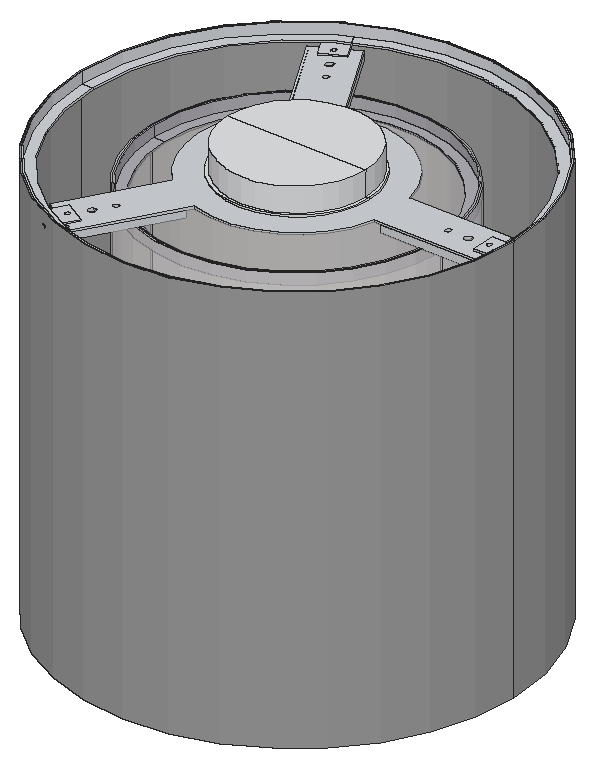
Revit family "Lighting - Lumetta - Pendant - SM2092", category Lighting Fixtures, host Ceiling, Revit 2015
Parameters
  Wattage = 11.7117 W
  built-in parameter 1150110 = 1 (stored number, unit not read)
  URL = "https://lumetta.com/luminaires/drum-12-pendant/"
  Type Comments = "Drum 12'' Pendant"
  built-in parameter 1114217 = 1 (stored number, unit not read)
  Top-Bottom Lens Radius [instance] = Fixture Inner Radius - 0' 0 5/32"  # 0' - 5 27/32"
  built-in parameter 1150109 = 1 (stored number, unit not read)
  built-in parameter 1150134 = (empty or 0)
  built-in parameter 1150113 = 1 (stored number, unit not read)
  SM2092 URL [instance] = "https://lumetta.com/luminaires/shadow-drum-18-surface-mount/"
  Light Source Symbol Size = 0' - 1"
  Fixture-Outer Height [instance] = 1' - 5"
  Fixture Outer Radius [instance] = 0' - 9"
  Fixture Outer Drop [instance] = 0' - 0 1/2"
  Fixture Outer Diameter [instance] = 2 * Fixture Outer Radius  # 1' - 6"
  Fixture Inner Radius [instance] = 0' - 6"
  Fixture Inner Diameter [instance] = 2 * Fixture Inner Radius  # 1' - 0"
  Diffuser Outer Material [instance] = Shade - Lumetta - D921 - Trans_Cool
  Model = "P51210"  # constant formula
  Manufacturer = "Lumetta, Inc."  # constant formula
  Lumens = 1300 lm
  built-in parameter 1150115 = 1 (stored number, unit not read)
  built-in parameter 1150105 = 103.45 (stored number, unit not read)
  built-in parameter 1150137 = (empty or 0)
  built-in parameter 1150139 = (empty or 0)
  built-in parameter 1150112 = 1 (stored number, unit not read)
  built-in parameter 1150114 = 1 (stored number, unit not read)
  built-in parameter 1150132 = 1
  built-in parameter 1150102 = (empty or 0)
  built-in parameter 1150138 = (empty or 0)
  built-in parameter 1150107 = 3000 (stored number, unit not read)
  built-in parameter 1150106 = 1.0345 (stored number, unit not read)
  Frame Finish [instance] = Paint - Lumetta - F02 - PC_Chrome
  Fixture Inner Height [instance] = 1' - 0 1/2"
  Fixture Inner-Outer Difference [instance] = 0' - 0 15/16"
  built-in parameter 1150104 = 10.312 (stored number, unit not read)
  Dimming Lamp Color Temperature Shift = (empty or 0)
  Diffuser Inner Material [instance] = Shade - Lumetta - D61 - MT_White
  Description = "Drum 12'' Pendant"  # constant formula
  Bottom Lens-Material [instance] = Acrylic - P95 - Etched White
  Bottom Lens [instance] = yes
  Color Filter = 16777215
  built-in parameter 1114218 = 1 (stored number, unit not read)
  built-in parameter 1150133 = 10 (stored number, unit not read)
Reference planes (in)
  plane 1 "Light Source Axis (F/B)": y = 0
  plane 2 "Ceiling": z = 96
  plane 3 "Light Source Axis (L/R)": x = 0
  plane 4 "Light Source Elevation": z = 92.0625
  plane 5 "Fixture- Inner Top": z = 94.5625
  plane 6 "Fixture-Inner Radius": x = 6
  plane 7 "Fixture-Inner Height": z = 82.0625
  plane 8: through (0, 0, 0) normal (-0.5, -0.866, 0)
  plane 9: y = 0
  plane 10: through (0, 0, 0) normal (0.5, -0.866, 0)
  plane 11 "Plane-120": through (-3, 5.19615, 0) normal (0.5, -0.866, 0)
  plane 12 "Plane-240": through (-65.35383, 30.80385, 0) normal (0.5, 0.866, 0)
  plane 13: through (0, 0, 0) normal (-0.866, -0.5, 0)
  plane 14: through (0, 0, 0) normal (0.866, -0.5, 0)
  plane 15 "Fixture-Outer Radius": x = 9
  plane 16 "Fixture- Outer Top": z = 95.5
  plane 17 "Fixture-Outer Height": z = 78.5
Forms (in)
  Revolve 1, solid, material "Paint - Lumetta - F02 - PC_Chrome" <- "Frame Finish"
    sketch origin (0, 0, 0) x (1, 0, 0) y (0, 0, 1)
      loop
        line (6, 94.5625) -> (5.93781, 94.5625) -> (5.93781, 94.12623) -> (5.50031, 94.12623) -> (5.50031, 94.06373) -> (6, 94.06373) -> (6, 94.5625)
      loop
        line (6, 82.56254) -> (5.93781, 82.56254) -> (5.93781, 82.12628) -> (5.50031, 82.12628) -> (5.50031, 82.0625) -> (6, 82.0625) -> (6, 82.56254)
      axis (0, 94.5625) -> (0, 82.0625)
    angle from 0 to 360
  Revolve 2, solid, material "Shade - Lumetta - D61 - MT_White" <- "Diffuser Inner Material"
    sketch origin (0, 0, 0) x (1, 0, 0) y (0, 0, 1)
      loop
        line (6, 94.5625) -> (6, 82.0625) -> (6.06242, 82.0625) -> (6.06242, 94.5625) -> (6, 94.5625)
      axis (0, 94.5625) -> (0, 82.0625)
    angle from 0 to 360
  Revolve 3, solid, material "Paint - Lumetta - F11 - PC_White"
    sketch origin (0, 0, 0) x (1, 0, 0) y (0, 0, 1)
      loop
        line (0, 96) -> (0, 94.94) -> (3, 94.94) -> (3, 95) -> (2.875, 95) -> (2.875, 96) -> (0, 96)
      axis (0, 96) -> (0, 94.94)
    angle from 0 to 360
  Extrusion 4, solid, material "Acrylic - P95 - Etched White" <- "Bottom Lens-Material", visible <- "Bottom Lens"
    sketch origin (0, 0, 82.0625) x (0, -1, 0) y (1, 0, 0)
      loop
        circle (0, 0) r 5.84375
    from 0.06378 to 0.1875
  Revolve 5, solid
    sketch origin (0, 0, 0) x (1, 0, 0) y (0, 0, 1)
      loop
        line (9, 95.5) -> (8.93739, 95.5) -> (8.93739, 95.06402) -> (8.5, 95.06402) -> (8.5, 95) -> (9, 95) -> (9, 95.5)
      loop
        line (9, 78.5) -> (9, 78.99932) -> (8.93827, 78.99932) -> (8.93827, 78.56207) -> (8.5, 78.56207) -> (8.5, 78.5) -> (9, 78.5)
      axis (0, 95.5) -> (0, 78.5)
    angle from 0 to 360
  Revolve 6, solid, material "Shade - Lumetta - D921 - Trans_Cool" <- "Diffuser Outer Material"
    sketch origin (0, 0, 0) x (1, 0, 0) y (0, 0, 1)
      loop
        line (9, 95.5) -> (9, 78.5) -> (9.03313, 78.5) -> (9.03313, 95.5) -> (9, 95.5)
      axis (0, 78.5) -> (0, 95.5)
    angle from 0 to 360
  Extrusion 7, solid
    sketch origin (0, 0, 95.5) x (-1, 0, 0) y (0, -1, 0)
      loop
        line (-7.75, -0.5) -> (-7.75, 0.5) -> (-8.975, 0.5) -> (-8.975, -0.5) -> (-7.75, -0.5)
      loop
        circle (-8, 0) r 0.09406
      loop
        line (4.30801, -6.4617) -> (3.44199, -6.9617) -> (4.05449, -8.02258) -> (4.92051, -7.52258) -> (4.30801, -6.4617)
      loop
        circle (4, -6.9282) r 0.09406
      loop
        line (3.44199, 6.9617) -> (4.30801, 6.4617) -> (4.92051, 7.52258) -> (4.05449, 8.02258) -> (3.44199, 6.9617)
      loop
        circle (4, 6.9282) r 0.09406
    from -0.5 to -0.56
  Extrusion 8, solid
    sketch origin (0, 0, 82.0625) x (0, -1, 0) y (1, 0, 0)
      loop
        arc (-0.9375, 3.95285) -> (-3.51823, 2.03125) -> (-3.89202, -1.16452) r 4.0625
        line (-3.89202, -1.16452) -> (-7.61346, -3.3131) -> (-6.67596, -4.9369) -> (-2.95452, -2.78832)
        arc (-2.95452, -2.78832) -> (0, -4.0625) -> (2.95452, -2.78832) r 4.0625
        line (2.95452, -2.78832) -> (6.67596, -4.9369) -> (7.61346, -3.3131) -> (3.89202, -1.16452)
        arc (3.89202, -1.16452) -> (3.51823, 2.03125) -> (0.9375, 3.95285) r 4.0625
        line (0.9375, 3.95285) -> (0.9375, 8.25) -> (-0.9375, 8.25) -> (-0.9375, 3.95285)
      loop
        circle (0, 8) r 0.10938
      loop
        circle (0, 7.14148) r 0.15625
      loop
        circle (0, 6.30207) r 0.10938
      loop
        circle (-6.9282, -4) r 0.10938
      loop
        circle (-6.1847, -3.57074) r 0.15625
      loop
        circle (-5.45775, -3.15103) r 0.10938
      loop
        circle (6.9282, -4) r 0.10938
      loop
        circle (6.1847, -3.57074) r 0.15625
      loop
        circle (5.45775, -3.15103) r 0.10938
      loop
        circle (0, 0) r 2.39105
    from 12.79977 to 12.8775
  Extrusion 9, solid
    sketch origin (0, 0, 95.5) x (-1, 0, 0) y (0, -1, 0)
      loop
        line (-8.25, -0.9375) -> (-4.25, -0.9375) -> (-4.25, -0.875) -> (-8.25, -0.875) -> (-8.25, -0.9375)
      loop
        line (-8.25, 0.9375) -> (-8.25, 0.875) -> (-4.25, 0.875) -> (-4.25, 0.9375) -> (-8.25, 0.9375)
      loop
        line (4.9369, -6.67596) -> (2.9369, -3.21186) -> (2.88277, -3.24311) -> (4.88277, -6.70721) -> (4.9369, -6.67596)
      loop
        line (3.3131, -7.61346) -> (3.36723, -7.58221) -> (1.36723, -4.11811) -> (1.3131, -4.14936) -> (3.3131, -7.61346)
      loop
        line (3.3131, 7.61346) -> (1.3131, 4.14936) -> (1.36723, 4.11811) -> (3.36723, 7.58221) -> (3.3131, 7.61346)
      loop
        line (4.9369, 6.67596) -> (4.88277, 6.70721) -> (2.88277, 3.24311) -> (2.9369, 3.21186) -> (4.9369, 6.67596)
    from -0.9375 to -0.63773
Dimensions and locks (in)
  equal spacing: host sketch curve, plane 3 "Light Source Axis (L/R)", host sketch curve
  equal spacing: host sketch curve, plane 1 "Light Source Axis (F/B)", host sketch curve
  host sketch curve to host sketch curve = 10' - 0"  (x2)
  locked: plane 5 "Fixture- Inner Top" to plane 4 "Light Source Elevation" at 2.5
  "Fixture Inner Radius": plane 6 "Fixture-Inner Radius" to plane 3 "Light Source Axis (L/R)"
  "Fixture Inner Height": plane 5 "Fixture- Inner Top" to plane 7 "Fixture-Inner Height"
  locked: plane 6 "Fixture-Inner Radius" to Revolve 1 sketch curve at 0.06219  (x2)
  locked: Revolve 2 sketch curve to plane 6 "Fixture-Inner Radius" at 0.06242
  locked: Revolve 1 to Revolve 2 at 0.06378
  locked: plane 5 "Fixture- Inner Top" to Revolve 1 sketch curve at 0.49877
  locked: Revolve 1 sketch curve to Revolve 1 sketch curve at 0.0625
  locked: Revolve 1 sketch curve to plane 7 "Fixture-Inner Height" at 0.50004
  locked: plane 6 "Fixture-Inner Radius" to Revolve 1 sketch curve at 0.49969
  "Fixture Inner Radius": plane 10 to plane 11 "Plane-120"
  "Fixture Inner Radius": plane 12 "Plane-240" to plane 8
  locked: Extrusion 4 to plane 7 "Fixture-Inner Height" at 0.1875
  "Fixture Outer Radius": plane 15 "Fixture-Outer Radius" to plane 3 "Light Source Axis (L/R)"
  "Fixture Outer Drop": plane 2 "Ceiling" to plane 16 "Fixture- Outer Top"
  "Fixture Inner-Outer Difference": plane 16 "Fixture- Outer Top" to plane 5 "Fixture- Inner Top"
  "Fixture-Outer Height": plane 16 "Fixture- Outer Top" to plane 17 "Fixture-Outer Height"
  locked: Revolve 5 sketch curve to plane 15 "Fixture-Outer Radius" at 0  (x2)
  locked: plane 15 "Fixture-Outer Radius" to Revolve 5 sketch curve at 0.06261
  locked: plane 15 "Fixture-Outer Radius" to Revolve 5 sketch curve at 0.5  (x2)
  locked: plane 16 "Fixture- Outer Top" to Revolve 5 sketch curve at 0.5
  locked: Revolve 5 sketch curve to Revolve 5 sketch curve at 0.06402
  locked: Revolve 5 sketch curve to plane 16 "Fixture- Outer Top" at 0
  locked: Revolve 5 sketch curve to plane 17 "Fixture-Outer Height" at 0
  locked: Revolve 5 sketch curve to Revolve 5 sketch curve at 0.06173
  locked: Revolve 5 sketch curve to Revolve 5 sketch curve at 0.06207
  locked: Revolve 6 sketch curve to plane 15 "Fixture-Outer Radius" at 0
  locked: plane 15 "Fixture-Outer Radius" to Revolve 6 sketch curve at 0.03313
  locked: Revolve 6 sketch curve to plane 16 "Fixture- Outer Top" at 0
  locked: Revolve 6 sketch curve to plane 17 "Fixture-Outer Height" at 0
  locked: Revolve 3 sketch curve to Revolve 3 sketch curve at 1
  locked: Revolve 3 sketch curve to plane 2 "Ceiling" at 0
  locked: Revolve 3 sketch curve to Revolve 3 sketch curve at 0.06
  locked: Extrusion 7 sketch curve to plane 15 "Fixture-Outer Radius" at 1.25
  locked: Extrusion 7 sketch curve to Extrusion 7 sketch curve at 1.225  (x3)
  locked: plane 9 to Extrusion 7 sketch curve at 0.5
  locked: Extrusion 7 sketch curve to Extrusion 7 sketch curve at 1  (x3)
  Extrusion 7 sketch curve to Extrusion 7 sketch curve = 0' - 0 1/4"
  equal spacing: Extrusion 8 sketch curve, plane 9, Extrusion 8 sketch curve
  plane 9 to Extrusion 8 sketch curve = 0' - 0 15/16"
  Extrusion 8 sketch curve to plane 15 "Fixture-Outer Radius" = 0' - 0 3/4"
  locked: Extrusion 8 sketch curve to Extrusion 8 sketch curve at 0.25  (x3)
  locked: Extrusion 8 sketch curve to plane 9 at 0
  Extrusion 8 sketch curve to Extrusion 8 sketch curve = 0' - 1 7/8"
  locked: Extrusion 7 to Extrusion 8 at 0.07773
  locked: Extrusion 8 to Extrusion 9 sketch curve at 0  (x4)
  locked: Extrusion 9 sketch curve to Extrusion 8 at 0.0625
  locked: Extrusion 8 to Extrusion 9 sketch curve at 0.0625
  locked: Extrusion 9 sketch curve to Extrusion 8 at 4  (x2)
  "Top-Bottom Lens Radius": radius of Extrusion 4 sketch curve
  aligned and locked: plane 3 "Light Source Axis (L/R)" to imposter light
  aligned and locked: plane 1 "Light Source Axis (F/B)" to imposter light
  aligned and locked: plane 4 "Light Source Elevation" to imposter light
  aligned and locked: Revolve 2 sketch curve to plane 3 "Light Source Axis (L/R)"
  aligned and locked: Extrusion 4 to Revolve 1
  aligned and locked: Revolve 5 sketch curve to plane 3 "Light Source Axis (L/R)"
  aligned and locked: Revolve 6 sketch curve to plane 3 "Light Source Axis (L/R)"
  aligned and locked: Extrusion 8 to Revolve 3
  aligned and locked: plane 5 "Fixture- Inner Top" to Extrusion 9
  aligned and locked: Extrusion 9 to Extrusion 8
Automatic sketch dimensions
  Revolve 2 sketch curve to plane 6 "Fixture-Inner Radius" = 0' - 0"
  Revolve 2 sketch curve to plane 7 "Fixture-Inner Height" = 0' - 0"
  Revolve 2 sketch curve to plane 5 "Fixture- Inner Top" = 0' - 0"
  plane 7 "Fixture-Inner Height" to Revolve 2 sketch curve = 0' - 1 1/4"
  Revolve 2 sketch curve to plane 5 "Fixture- Inner Top" = 0' - 2 1/4"
  Revolve 1 sketch curve to plane 3 "Light Source Axis (L/R)" = 0' - 0"
  Revolve 1 sketch curve to plane 7 "Fixture-Inner Height" = 0' - 0"
  Revolve 1 sketch curve to plane 5 "Fixture- Inner Top" = 0' - 0"
  Revolve 1 sketch curve to plane 6 "Fixture-Inner Radius" = 0' - 0"  (x2)
  Revolve 1 sketch curve to level = 0' - 10"
  Revolve 1 sketch curve to plane 2 "Ceiling" = 0' - 1"
  Revolve 1 sketch curve to Revolve 1 sketch curve = 0' - 0 7/16"
  Revolve 1 sketch curve to Revolve 1 sketch curve = 0' - 0.06378"
  plane 1 "Light Source Axis (F/B)" to Extrusion 4 sketch curve = 0' - 0"
  Extrusion 4 sketch curve to plane 3 "Light Source Axis (L/R)" = 0' - 0"
  Revolve 5 sketch curve to Revolve 5 sketch curve = 0' - 0.43725"
  Revolve 5 sketch curve to plane 17 "Fixture-Outer Height" = 0' - 4 3/4"
  Revolve 5 sketch curve to plane 7 "Fixture-Inner Height" = 0' - 5 1/2"
  Revolve 6 sketch curve to level = 1' - 0"
  plane 7 "Fixture-Inner Height" to Revolve 6 sketch curve = 0' - 4"
  Revolve 3 sketch curve to plane 3 "Light Source Axis (L/R)" = 0' - 0"  (x2)
  plane 3 "Light Source Axis (L/R)" to Revolve 3 sketch curve = 0' - 2 7/8"
  Revolve 3 sketch curve to Revolve 3 sketch curve = 0' - 0 1/8"
  plane 2 "Ceiling" to Revolve 3 sketch curve = 0' - 1 3/4"
  Revolve 3 sketch curve to Revolve 3 sketch curve = 0' - 2 1/2"
  plane 14 to Extrusion 7 sketch curve = 0' - 0"
  plane 13 to Extrusion 7 sketch curve = 0' - 0"
  plane 1 "Light Source Axis (F/B)" to Extrusion 7 sketch curve = 0' - 0"
  Extrusion 7 sketch curve to plane 3 "Light Source Axis (L/R)" = 0' - 3.44199"  (x2)
  Extrusion 7 sketch curve to Extrusion 7 sketch curve = 0' - 0.55801"  (x2)
  Extrusion 7 sketch curve to Extrusion 7 sketch curve = 0' - 0.05449"  (x2)
  Extrusion 7 sketch curve to Extrusion 7 sketch curve = 0' - 0.03349"
  Extrusion 7 sketch curve to Extrusion 7 sketch curve = 0' - 0.46651"
  plane 13 to Extrusion 8 sketch curve = 0' - 0"  (x3)
  plane 1 "Light Source Axis (F/B)" to Extrusion 8 sketch curve = 0' - 0"  (x3)
  plane 14 to Extrusion 8 sketch curve = 0' - 0"  (x3)
  Extrusion 8 sketch curve to plane 3 "Light Source Axis (L/R)" = 0' - 0"
  Extrusion 8 sketch curve to plane 3 "Light Source Axis (L/R)" = 0' - 3.15103"  (x2)
  Extrusion 8 sketch curve to Extrusion 8 sketch curve = 0' - 0.72695"  (x2)
  Extrusion 8 sketch curve to Extrusion 8 sketch curve = 0' - 0.49126"  (x2)
  Extrusion 8 sketch curve to Extrusion 8 sketch curve = 0' - 0.7435"  (x2)
  Extrusion 8 sketch curve to plane 3 "Light Source Axis (L/R)" = 0' - 3.3131"
  Extrusion 8 sketch curve to Extrusion 8 sketch curve = 0' - 0.68526"  (x2)
  plane 6 "Fixture-Inner Radius" to Extrusion 8 sketch curve = 0' - 0.30207"
  Extrusion 8 sketch curve to Extrusion 8 sketch curve = 0' - 0.83941"
  Extrusion 8 sketch curve to plane 3 "Light Source Axis (L/R)" = 0' - 2.78832"  (x2)
  Extrusion 8 sketch curve to Extrusion 8 sketch curve = 0' - 0"  (x6)
  Extrusion 8 sketch curve to plane 3 "Light Source Axis (L/R)" = 0' - 1.16452"  (x2)
  Extrusion 9 sketch curve to plane 3 "Light Source Axis (L/R)" = 0' - 1.3131"  (x2)
  Extrusion 9 sketch curve to Extrusion 9 sketch curve = 0' - 0.05413"  (x4)
  Extrusion 9 sketch curve to Extrusion 9 sketch curve = 0' - 1.51554"  (x4)
  Extrusion 9 sketch curve to plane 3 "Light Source Axis (L/R)" = 0' - 3.3131"  (x2)
  Extrusion 9 sketch curve to plane 1 "Light Source Axis (F/B)" = 0' - 3.21186"
  Extrusion 9 sketch curve to Extrusion 9 sketch curve = 0' - 0 1/32"  (x4)
  Extrusion 9 sketch curve to Extrusion 9 sketch curve = 0' - 0 7/8"  (x2)
  plane 1 "Light Source Axis (F/B)" to Extrusion 9 sketch curve = 0' - 3.21186"
  radius of Extrusion 7 sketch curve = 0' - 0.09406"  (x3)
  radius of Extrusion 8 sketch curve = 0' - 0 7/64"  (x6)
  radius of Extrusion 8 sketch curve = 0' - 0 5/32"  (x3)
  radius of Extrusion 8 sketch curve = 0' - 2.39105"
